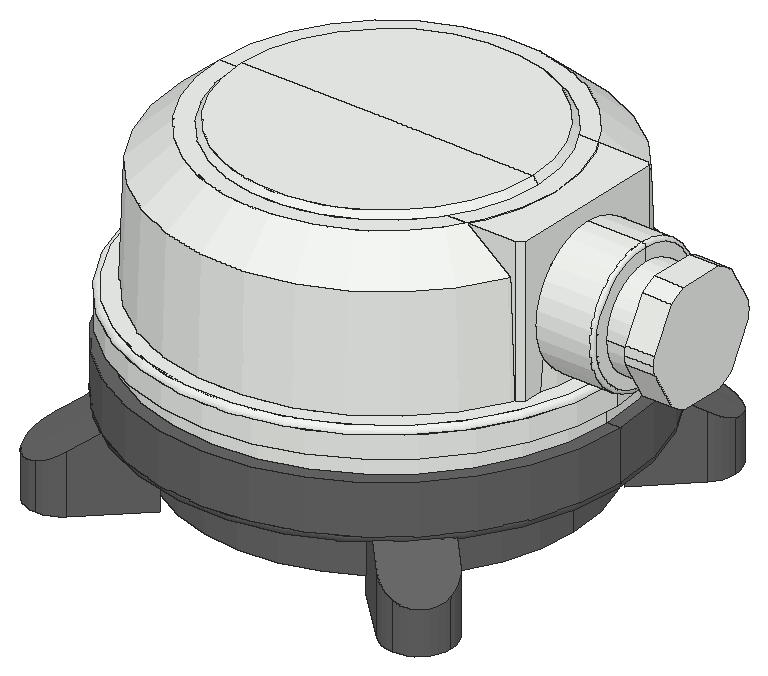
Revit family "РИДАН_ Реле перепада давления воздуха DP100", category Арматура воздуховодов, Revit 2019
Family settings
  Размер круглого соединителя = Использовать диаметр
  Тип детали = Присоединяется
  На основе рабочей плоскости = Нет
  Всегда вертикально = Да
  При загрузке вырезать с полостями = Нет
  Общий = Нет
Parameters (values of type "017D005000R, 1000_5000 Па, 250 Па")
  Контакты_Производитель = "info@ridan.ru"  # constant formula
  LT = "DP100"  # constant formula
  ADSK_Наименование = size_lookup(LT, "Name", "", A)  # "Реле перепада давления воздуха DP100, Диапазон уставок 1000...5000 Па, Настаиваемый дифференциал 250 Па"
  ADSK_Масса_Текст = ""
  ADSK_Масса = size_lookup(LT, "M", 0, A)  # 0.5
  ADSK_Марка = size_lookup(LT, "Mark", "", A)  # "DP100"
  ADSK_Количество = 1  # constant formula
  ADSK_Код изделия = size_lookup(LT, "", "", A)  # "017D005000R"
  ADSK_Завод-изготовитель = "ООО «Ридан-Трейд»"  # constant formula
  ADSK_Единица измерения = "шт."
  ADSK_Версия семейства = "1.0"  # constant formula
  ADSK_Версия Revit = "2019"  # constant formula
  A = 8 mm
Types (9, lengths in mm): name | ADSK_Наименование | ADSK_Код изделия | A
  (no name) | "Реле перепада давления воздуха DP100, Диапазон уставок 1000...5000 Па, Настаиваемый дифференциал 250 Па" | "017D005000R" | 8
  017D000200R, 20_200 Па, 10 Па | "Реле перепада давления воздуха DP100, Диапазон уставок 20...200 Па, Настаиваемый дифференциал 10 Па" | "017D000200R" | 1
  017D000300R, 30_300 Па, 10 Па | "Реле перепада давления воздуха DP100, Диапазон уставок 30...300 Па, Настаиваемый дифференциал 10 Па" | "017D000300R" | 2
  017D000400R, 40_400 Па, 20 Па | "Реле перепада давления воздуха DP100, Диапазон уставок 40...400 Па, Настаиваемый дифференциал 20 Па" | "017D000400R" | 3
  017D000500R, 50_500 Па, 20 Па | "Реле перепада давления воздуха DP100, Диапазон уставок 50...500 Па, Настаиваемый дифференциал 20 Па" | "017D000500R" | 4
  017D001000R, 200_1000 Па, 100 Па | "Реле перепада давления воздуха DP100, Диапазон уставок 200...1000 Па, Настаиваемый дифференциал 100 Па" | "017D001000R" | 5
  017D001001R, 100_1000 Па, 50 Па | "Реле перепада давления воздуха DP100, Диапазон уставок 100...1000 Па, Настаиваемый дифференциал 50 Па" | "017D001001R" | 6
  017D002500R, 500_2500 Па, 150 Па | "Реле перепада давления воздуха DP100, Диапазон уставок 500...2500 Па, Настаиваемый дифференциал 150 Па" | "017D002500R" | 7
  017D005000R, 1000_5000 Па, 250 Па | "Реле перепада давления воздуха DP100, Диапазон уставок 1000...5000 Па, Настаиваемый дифференциал 250 Па" | "017D005000R" | 8
Reference planes
  plane 1 "По центру (Вперед/Назад)": y = 0
  plane 2: z = 0
  plane 3 "По центру (Влево/Вправо)": x = 0
Forms (mm)
  Revolve 1, solid, material "Пластик светло-черный", detail levels fine
    sketch origin (0, 0, 0) x (1, 0, 0) y (0, 0, 1)
      loop
        line (-42.6, 22.8) -> (-42.6, 13.892)
        arc (-42.6, 13.892) -> (-42.158, 12.837) -> (-41.1, 12.4) r 1.5
        line (-41.1, 12.4) -> (-34.04, 12.4) -> (-34.04, 2.8) -> (0, 2.8) -> (0, 22.8) -> (-42.6, 22.8)
      axis (0, 22.8) -> (0, 2.8)
    angle from 0 to 360
  Revolve 2, solid, material "Белый", detail levels fine
    sketch origin (0, 0, 0) x (1, 0, 0) y (0, 0, 1)
      loop
        line (-37.589, 51.219) -> (-38.284, 31.321) -> (-41.049, 31.321)
        arc (-41.049, 31.321) -> (-41.775, 31.02) -> (-42.076, 30.294) r 1.028
        line (-42.076, 30.294) -> (-42.076, 26.303) -> (-40.07, 26.303) -> (-40.07, 22.8) -> (0, 22.8) -> (0, 58.333) -> (-26.507, 58.333) -> (-27.521, 57.319) -> (-30.67, 57.319) -> (-37.589, 51.219)
      axis (0, 58.333) -> (0, 22.8)
    angle from 0 to 360
  Extrusion 3, solid, material "Белый", detail levels fine
    sketch origin (0, 0, 0) x (1, 0, 0) y (0, 1, 0)
      loop
        line (36.511, 14.004) -> (35.539, 14.979) -> (15.24, 14.979) -> (15.24, -15.021) -> (35.509, -15.021) -> (36.511, -14.019) -> (36.511, 14.004)
    from 31.327 to 57.322
  Revolve 4, solid, material "Белый", detail levels fine
    sketch origin (0, 0, 0) x (1, 0, 0) y (0, 0, 1)
      loop
        line (46.416, 54.606) -> (36.524, 54.606) -> (36.524, 42.706) -> (47.112, 42.706) -> (47.112, 53.91)
        arc (47.112, 53.91) -> (46.908, 54.402) -> (46.416, 54.606) r 0.696
      axis (47.112, 42.706) -> (36.524, 42.706)
    angle from 0 to 360
  Extrusion 5, solid, material "Белый", detail levels fine
    sketch origin (0, 1.094, 0) x (0, 1, 0) y (0, 0, 1)
      loop
        spline (-5.039, 52.706) -> (-5.285, 52.606) -> (-5.528, 52.499) -> (-5.769, 52.386) -> (-6.007, 52.268) -> (-6.241, 52.144) -> (-6.473, 52.014) -> (-6.702, 51.878) -> (-6.927, 51.736) -> (-7.148, 51.589) -> (-7.366, 51.437) -> (-7.58, 51.279) -> (-7.789, 51.116)
        line (-7.789, 51.116) -> (-11.725, 44.3)
        spline (-11.725, 44.3) -> (-11.744, 44.168) -> (-11.761, 44.036) -> (-11.777, 43.903) -> (-11.791, 43.771) -> (-11.803, 43.638) -> (-11.814, 43.505) -> (-11.823, 43.372) -> (-11.831, 43.239) -> (-11.836, 43.106) -> (-11.84, 42.973) -> (-11.843, 42.84) -> (-11.844, 42.706)
        spline (-11.844, 42.706) -> (-11.843, 42.573) -> (-11.84, 42.44) -> (-11.836, 42.306) -> (-11.831, 42.173) -> (-11.823, 42.04) -> (-11.814, 41.907) -> (-11.803, 41.774) -> (-11.791, 41.642) -> (-11.777, 41.509) -> (-11.761, 41.377) -> (-11.744, 41.245) -> (-11.725, 41.113)
        line (-11.725, 41.113) -> (-7.789, 34.296)
        spline (-7.789, 34.296) -> (-7.58, 34.133) -> (-7.366, 33.975) -> (-7.148, 33.823) -> (-6.927, 33.676) -> (-6.702, 33.535) -> (-6.473, 33.399) -> (-6.241, 33.269) -> (-6.007, 33.145) -> (-5.769, 33.026) -> (-5.528, 32.913) -> (-5.285, 32.807) -> (-5.039, 32.706)
        line (-5.039, 32.706) -> (2.851, 32.706)
        spline (2.851, 32.706) -> (3.096, 32.806) -> (3.339, 32.913) -> (3.579, 33.025) -> (3.816, 33.143) -> (4.05, 33.267) -> (4.281, 33.396) -> (4.509, 33.532) -> (4.733, 33.673) -> (4.954, 33.819) -> (5.171, 33.971) -> (5.385, 34.128) -> (5.594, 34.29)
        line (5.594, 34.29) -> (9.539, 41.123)
        spline (9.539, 41.123) -> (9.558, 41.254) -> (9.575, 41.385) -> (9.59, 41.517) -> (9.604, 41.648) -> (9.616, 41.78) -> (9.627, 41.912) -> (9.636, 42.044) -> (9.643, 42.177) -> (9.649, 42.309) -> (9.653, 42.441) -> (9.655, 42.574) -> (9.656, 42.706)
        spline (9.656, 42.706) -> (9.655, 42.839) -> (9.653, 42.971) -> (9.649, 43.103) -> (9.643, 43.236) -> (9.636, 43.368) -> (9.627, 43.5) -> (9.616, 43.632) -> (9.604, 43.764) -> (9.59, 43.896) -> (9.575, 44.027) -> (9.558, 44.159) -> (9.539, 44.29)
        line (9.539, 44.29) -> (5.594, 51.123)
        spline (5.594, 51.123) -> (5.385, 51.285) -> (5.171, 51.442) -> (4.954, 51.594) -> (4.733, 51.74) -> (4.509, 51.881) -> (4.281, 52.016) -> (4.05, 52.146) -> (3.816, 52.269) -> (3.579, 52.388) -> (3.339, 52.5) -> (3.096, 52.606) -> (2.851, 52.706)
        line (2.851, 52.706) -> (-5.039, 52.706)
    from 52.001 to 57.29
  Extrusion 6, solid, material "Белый", detail levels fine
    sketch origin (0, 0, 0) x (0, 1, 0) y (0, 0, 1)
      loop
        circle (0, 42.704) r 9
    from 47.111 to 52.001
  Extrusion 7, solid, material "Пластик светло-черный", detail levels fine
    sketch origin (0, 0, 0) x (1, 0, 0) y (0, 1, 0)
      loop
        arc (-32.496, 37.409) -> (-36.68, 35.656) -> (-38.441, 31.475) r 6
        arc (-38.441, 31.475) -> (-37.999, 29.146) -> (-36.689, 27.171) r 6
        line (-36.689, 27.171) -> (-28.36, 18.826)
        arc (-28.36, 18.826) -> (-24.597, 23.531) -> (-20.063, 27.499) r 34.04
        line (-20.063, 27.499) -> (-28.195, 35.647)
        arc (-28.195, 35.647) -> (-30.168, 36.961) -> (-32.496, 37.409) r 6
      loop
        arc (32.496, 37.409) -> (30.168, 36.961) -> (28.195, 35.647) r 6
        line (28.195, 35.647) -> (20.063, 27.499)
        arc (20.063, 27.499) -> (24.597, 23.531) -> (28.36, 18.826) r 34.04
        line (28.36, 18.826) -> (36.689, 27.171)
        arc (36.689, 27.171) -> (37.999, 29.146) -> (38.441, 31.475) r 6
        arc (38.441, 31.475) -> (36.68, 35.656) -> (32.496, 37.409) r 6
      loop
        arc (-36.745, -29.29) -> (-38.059, -31.263) -> (-38.506, -33.591) r 6
        arc (-38.506, -33.591) -> (-36.753, -37.775) -> (-32.572, -39.536) r 6
        arc (-32.572, -39.536) -> (-30.243, -39.094) -> (-28.268, -37.784) r 6
        line (-28.268, -37.784) -> (-18.826, -28.36)
        arc (-18.826, -28.36) -> (-23.531, -24.597) -> (-27.499, -20.063) r 34.04
        line (-27.499, -20.063) -> (-36.745, -29.29)
      loop
        line (36.745, -29.29) -> (27.499, -20.063)
        arc (27.499, -20.063) -> (23.531, -24.597) -> (18.826, -28.36) r 34.04
        line (18.826, -28.36) -> (28.268, -37.784)
        arc (28.268, -37.784) -> (30.243, -39.094) -> (32.572, -39.536) r 6
        arc (32.572, -39.536) -> (36.753, -37.775) -> (38.506, -33.591) r 6
        arc (38.506, -33.591) -> (38.059, -31.263) -> (36.745, -29.29) r 6
    from 0 to 13.276
  Revolve 8, void
    sketch origin (0, 0, 0) x (1, 0, 0) y (0, 0, 1)
      loop
        line (-53.663, 13.25) -> (-53.663, 7.021) -> (-42.425, 13.25) -> (-53.663, 13.25)
      axis (0, 13.25) -> (0, 7.021)
    angle from 0 to 360
Cuts and joins
  Revolve 8 cuts Revolve 1
  Revolve 8 cuts Extrusion 7
Lines and regions (mm)
  model lines, detail levels coarse+medium
    curve 1: circle (0, 0, 61.7) r 30 normal (0, -1, 0)
    curve 2: line (0, 0, 31.7) -> (0, 0, 0)
    curve 3: line (-5.837, 0, 80.913) -> (-5.837, 0, 38.646)
    curve 4: line (-5.837, 0, 80.913) -> (9.304, 0, 80.913)
    curve 5: line (-5.837, 0, 58.202) -> (8.992, 0, 58.202)
    curve 6: arc (9.304, 0, 80.913) -> (15.583, 0, 76.771) -> (17.834, 0, 69.593) r 11.22
    curve 7: arc (8.992, 0, 58.202) -> (15.485, 0, 62.289) -> (17.834, 0, 69.593) r 11.22
Dimensions and locks
  aligned and locked: level to plane 2
Nested families
  nested 1: "УГО_ЭУ_реле" at (0, 0, 0), type "УГО_ЭУ_реле"
    with УГО_Длина 100 mm, УГО_Высота 76.308 mm
Connectors
  electrical at (57.29, -0.001, 42.706)
    settings: on Extrusion 5, index 1, voltage 0 V, apparent load 0 VA, apparent load phase1 0 VA, apparent load phase2 0 VA, apparent load phase3 0 VA, power factor 1, load classification "Прочее", number of poles 1, system type 13, power factor state 1, is connector primary yes, connector utility no, sub classification motor no, connector description ""
Definition of nested family "УГО_ЭУ_реле"
  Parameters (values of type "УГО_ЭУ_реле")
    УГО_Длина [instance] = 100 mm
    УГО_Высота [instance] = УГО_Длина * 0.76308  # 76.308 mm
  Reference planes
    plane 1 "По центру (Вперед/Назад)": y = 0
    plane 2: z = 0
    plane 3 "По центру (Влево/Вправо)": x = 0
  Lines and regions (mm)
    detail lines, in view "Опорный уровень", detail levels coarse+medium
      curve 1: line (0, 0, 0) -> (0, 31, 0)
      curve 2: circle (0, 61, 0) r 30 normal (0, 0, 1)
      curve 3: line (-11.768, 82.406, 59.779) -> (-11.768, 40.139, 59.779)
      curve 4: line (-11.768, 82.406, 59.779) -> (3.372, 82.406, 59.779)
      curve 5: line (-11.768, 59.695, 59.779) -> (3.06, 59.695, 59.779)
      curve 6: arc (3.372, 82.406, 59.779) -> (9.651, 78.264, 59.779) -> (11.902, 71.087, 59.779) r 11.22
      curve 7: arc (3.06, 59.695, 59.779) -> (9.554, 63.782, 59.779) -> (11.902, 71.087, 59.779) r 11.22
